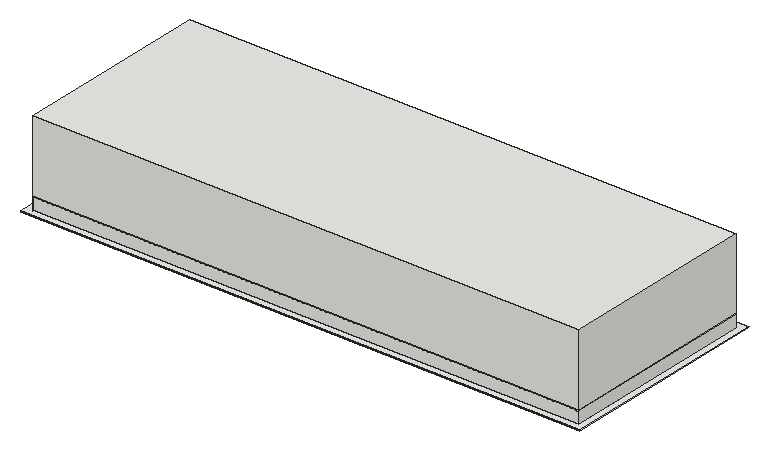
Revit family "AIRTECNICS_AIR CURTAIN_RECESSED WINDBOX_MG_ELECTRICAL HEATED (E)", category Mechanical Equipment, Revit 2016
Family settings
  Part Type = Normal
  Round Connector Dimension = Use Diameter
  OmniClass Number = 23.75.70.21.17
  OmniClass Title = Air Curtains
  Work Plane-Based = No
  Always vertical = Yes
  Cut with Voids When Loaded = No
  Shared = No
  Room Calculation Point = No
Parameters (values of type "WINDBOX RM 2000 E")
  · OTHERS · [instance] = "-/ Select Supports - Inst.Maint. Space /-"  # constant formula
  · HEATING · [instance] = "-/ Select Heating /-"  # constant formula
  Weight [instance] = size_lookup(Name_Lookup_Data, "Weight", 1.00 kg, CM, CT)  # 130.00 kg
  Voltage [instance] = 400 V  # constant formula
  URL_Manufacturer = "https://www.airtecnics.com"
  URL_Datasheet = "https://www.airtecnics.com/download/file/1946/recessed-windbox.pdf"
  Supports Length [instance] = 500.0 mm
  Supports (Horizontal) [instance] = no
  Revit Version = "Revit 2016 - English"  # constant formula
  Review Date = "11/18"  # constant formula
  Remote Control = "IR-AIR"  # constant formula
  Product Size = if(CT = 2, "1000", if(CT = 4, "1500", if(CT = 8, "2000", if(CT = 16, "2500", if(CT = 32, "3000", "Consult Manufacturer")))))  # "2000"
  Product Reference [instance] = size_lookup(Name_Lookup_Ref, "", "Consult Manufacturer", CM, CT)  # "RM 2000 E"
  Product Heating [instance] = if(CE = 0, "E Standard", if(CE = 2, "E Limited 1/3", if(CE = 4, "E Limited 2/3", "Consult Manufacturer")))  # "E Standard"
  Product Description [instance] = size_lookup(Name_Lookup_Data, "", "Consult Manufacturer", CM, CT)  # "Self-supporting casing construction made of galvanized steel plate, ready to be installed recessed in a false ceiling. \r\nInlet grille (free of maintenance) made with aluminium profiles and blow-out nozzle, integrated in a single white frame colour RAL 9016. Other colours are available on request. \r\nAnodized aluminium outlet vanes, airfoil shaped, adjustable in both directions.\r\nDouble-inlet centrifugal fans driven by an external rotor motor and low noise level. 5-speed selector. \r\n“E” type with electrical shielded elements, three stages with integrated regulation. \r\nIncludes Plug&Play control with 7m RJ45 cable and infrared remote control. Optional: Clever control (programmable, automatic, intelligent, energy saving, Modbus RTU for BMS…)\r\nAir Volume: 3600 m3/h \r\nFans:  0,424 kW  1,88 A 230Vx1 50Hz\r\nHeating power: 6/12/18 kW (400Vx3)\r\nDimensions: 770x310x2050 mm (depth, height, length)"
  Power Fans Factor [instance] = size_lookup(Name_Lookup_Data, "Power Fans Factor", 1, CM, CT)  # 0.98
  Power Fans [instance] = size_lookup(Name_Lookup_Data, "Power Fans", 1 kW, CM, CT)  # 0.424 kW
  Power Factor [instance] = 1  # constant formula
  Noise Level (dB(A)) [instance] = size_lookup(Name_Lookup_Data, "Noise Level (dB(A))", 1, CM, CT)  # 57
  Name_Lookup_Ref = "R_WINDBOX_MG_(E)_Ref_Lookup"  # constant formula
  Name_Lookup_Electrical = "R_WINDBOX_MG_(E)_Electrical_Lookup"  # constant formula
  Name_Lookup_Data = "R_WINDBOX_MG_(E)_Data_Lookup"  # constant formula
  Material Inlet Grille [instance] = AIRTECNICS_White RAL 9016
  Material Curtain [instance] = AIRTECNICS_White RAL 9016
  M = yes
  Length = if(CT = 2, 1000.0 mm, if(CT = 4, 1500.0 mm, if(CT = 8, 2000.0 mm, if(CT = 16, 2500.0 mm, if(CT = 32, 3000.0 mm, L)))))  # 2000.0 mm
  IfcExportType = "ELECTRICHEATINGCOIL"  # constant formula
  IfcExportAs = "IfcCoilType"  # constant formula
  Height = 310.0 mm  # constant formula
  G = no
  Frequency = 50 Hz  # constant formula
  Fans Stage = 5  # constant formula
  Family Version = "1.0"  # constant formula
  Electrical Heating Capacity (kW) [instance] = size_lookup(Name_Lookup_Electrical, "", "Consult Manufacturer", CM, CT, CE)  # "6/12/18"
  Electrical + Current Fans [instance] = size_lookup(Name_Lookup_Data, "Electrical + Current Fans", 1 A, CM, CT)  # 27.86 A
  EC = no
  E Standard [instance] = if(CE = 0, 1 = 1, 1 = 0)  # yes
  E Limited 2/3 [instance] = no
  E Limited 1/3 [instance] = no
  Depth = 770.0 mm  # constant formula
  Current Fans [instance] = size_lookup(Name_Lookup_Data, "Current Fans", 1 A, CM, CT)  # 1.88 A
  Created by = "BIMETRICAL"  # constant formula
  Control [instance] = "CE-5AW-IR"  # constant formula
  Cable = "CB7"  # constant formula
  URL = "https://www.airtecnics.com/products/air-curtain-recessed-windbox"
  Model = "Air curtain Recesssed Windbox M,G E"  # constant formula
  L = 2000.0 mm
  Type Image = <None>
  Manufacturer = "AIRTECNICS"  # constant formula
  Description = ""
  Type Comments = "Self-supporting casing construction made of galvanized steel plate, ready to be installed recessed in a false ceiling. \r\nInlet grille (free of maintenance) made with aluminium profiles and blow-out nozzle, integrated in a single white frame colour RAL 9016. Other colours are available on request. \r\nAnodized aluminium outlet vanes, airfoil shaped, adjustable in both directions.\r\nDouble-inlet centrifugal fans driven by an external rotor motor and low noise level. 5-speed selector. EC models assembled with very low consumption efficiency fans. \r\n“P” type with water heated coil. “E” type with electrical shielded elements, three stages with integrated regulation. “A” type without heating, air only. Optional expansion DX coil.\r\nIncludes Plug&Play control with 7m RJ45 cable and infrared remote control. Optional: Clever control (programmable, automatic, intelligent, energy saving, Modbus RTU for BMS…)"  # constant formula
  CT = if(L = 1000.0 mm, 2, 0) + if(L = 1500.0 mm, 4, 0) + if(L = 2000.0 mm, 8, 0) + if(L = 2500.0 mm, 16, 0) + if(L = 3000.0 mm, 32, 0)  # 8
  CM = if(M, 2, 0) + if(EC, 4, 0) + if(G, 8, 0)  # 2
  CE [instance] = if([E Limited 1/3], 2, 0) + if([E Limited 2/3], 4, 0)  # 0
  BIMETRICAL Category = "Coil"  # constant formula
  BIMETRICAL = "http://www.bimetrical.com/"  # constant formula
  Aspiration/Maintenance Space [instance] = no
  Airflow [instance] = size_lookup(Name_Lookup_Data, "Airflow", 1 m³/h, CM, CT)  # 3600 m³/h
  3rd Phase [instance] = size_lookup(Name_Lookup_Data, "3rd Phase", 1 VA, CM, CT)  # 6000 VA
  2nd Phase [instance] = size_lookup(Name_Lookup_Data, "2nd Phase", 1 VA, CM, CT)  # 6000 VA
  1st Phase [instance] = size_lookup(Name_Lookup_Data, "1st Phase", 1 VA, CM, CT)  # 6424 VA
Reference planes
  plane 1 "Centro (Frontal/Posterior)": z = 0
  plane 2: y = 246.57
  plane 3 "Centro (Izquierda/Derecha)": x = 0
Nested families
  nested 1: "GEOM_WINDBOX_RECESSED" at (0, 101, 48), L <- "L", Support Length <- "Supports Length", Aspiration/Maintenance Space <- "Aspiration/Maintenance Space", Material Curtain <- "Material Curtain", Material Inlet Grille <- "Material Inlet Grille", ViHS <- "Supports (Horizontal)", type "Air curtain Recessed Windbox"
    with ViHSC no, ViHS no, Vi2 no, Vi1 yes, TI 9, Support Length 500.0 mm, Position Water pipes OUT connection "--------------------------------", Material Inlet Grille AIRTECNICS_White RAL 9016, Material Curtain AIRTECNICS_White RAL 9016, LiS 760.0 mm, Li6 720.0 mm, Li16 10.0 mm, Li15 10.0 mm, L 2000.0 mm, Aspiration/Maintenance Space no
Connectors
  electrical at (859, 481.57, 308), driven by "Voltage", driven by "Power Factor", driven by "1st Phase", driven by "2nd Phase", driven by "3rd Phase"
    settings: on nested 1, index 1, voltage 400 V, apparent load 0 VA, apparent load phase1 6424 VA, apparent load phase2 6000 VA, apparent load phase3 6000 VA, power factor 1, load classification "HVAC", number of poles 3, system type 31, power factor state 1, is connector primary yes, connector utility no, sub classification motor no, connector description ""
Definition of nested family "GEOM_WINDBOX_RECESSED"
  Parameters (values of type "Air curtain Recessed Windbox")
    ViHSC [instance] = if(and(ViHS, L > 1000.0 mm), 1 = 1, 1 = 0)  # no
    Vi2 [instance] = if(L = 2500.0 mm, 1 = 1, 1 = 0)  # yes
    Vi1 [instance] = not(Vi2)  # no
    TI [instance] = if(L = 1000.0 mm, 5, if(L = 1500.0 mm, 7, if(L = 2000.0 mm, 9, if(L = 2500.0 mm, 11, L / 200.0 mm))))  # 11
    Material Outlet Grille = none
    Material II = none
    Material I = none
    Material Inlet Grille [instance] = none
    Li16 [instance] = 10.0 mm  # constant formula
    Li15 [instance] = 10.0 mm  # constant formula
    Position Water pipes OUT connection [instance] = "--------------------------------"  # constant formula
    ViHS [instance] = no
    Support Length [instance] = 500.0 mm
    LiS [instance] = Support Length + 260.0 mm  # 760.0 mm
    Revit Version = "Revit 2016 - English"  # constant formula
    Review Date = "11/18"  # constant formula
    Material Curtain [instance] = none
    Li6 [instance] = Depth  # 720.0 mm
    Family Version = "1.0"  # constant formula
    Depth = 720.0 mm  # constant formula
    Default Elevation = 1219.2 mm
    Created by = "BIMETRICAL"  # constant formula
    URL = "https://www.airtecnics.com/products/air-curtain-recessed-windbox"
    Model = "Air curtain Recessed Windbox"  # constant formula
    L [instance] = 2500.0 mm
    Type Image = (empty or 0)
    Manufacturer = "AIRTECNICS"  # constant formula
    Description = "AIRTECNICS_Air curtain Recessed Windbox"  # constant formula
    Type Comments = ""
    BIMETRICAL Category = "Fan"  # constant formula
    BIMETRICAL = "http://www.bimetrical.com/"  # constant formula
    Aspiration/Maintenance Space [instance] = no
  Reference planes
    plane 1 "Centro (Frontal/Posterior)": z = 0
    plane 2: y = 246.57
    plane 3 "Centro (Izquierda/Derecha)": x = 0
    plane 4: z = 260
    plane 5: y = 476.57
    plane 6: y = 16.57
    plane 7: x = -1250
    plane 8: x = 1250
    plane 9: x = -1210
    plane 10: x = 1210
    plane 11: y = 442.57
    plane 12: y = 145.57
    plane 13: y = -223.43
    plane 14 "P1-02": z = 0
    plane 15 "P2-02": z = 0
    plane 16: y = -243.43
    plane 17: y = 501.57
    plane 18: x = 1275
    plane 19: y = -268.43
    plane 20: z = -48
    plane 21: z = -50
    plane 22: x = 1248
    plane 23: x = -1248
    plane 24: x = -418.5
    plane 25: x = 418.5
    plane 26: x = -1203.5
    plane 27: x = 1203.5
    plane 28: x = -962.8
    plane 29: x = -722.1
    plane 30: x = -481.4
    plane 31: z = -250
    plane 32: y = -241.454
    plane 33: y = -9.53
    plane 34: x = -240.7
    plane 35: x = 0
    plane 36: x = 240.7
    plane 37: x = 481.4
    plane 38: x = 722.1
    plane 39: x = 962.8
  Forms (mm)
    Extrusion 1, solid, material <- "Material Inlet Grille"
      sketch origin (0, 0, -50) x (1, 0, 0) y (0, 1, 0)
        loop
          line (-1250, 476.57) -> (-1250, -243.43) -> (1250, -243.43) -> (1250, 476.57) -> (-1250, 476.57)
      from 0 to 50
    Extrusion 2, void, detail levels medium+fine
      sketch origin (0, 0, -50) x (1, 0, 0) y (0, 1, 0)
        loop
          line (-1249, 474.57) -> (-1249, 387.47) -> (1249, 387.47) -> (1249, 474.57) -> (-1249, 474.57)
      from 0 to 46
    Extrusion 3, solid, material <- "Material Curtain", not visible
      sketch origin (559.734, 0, 0) x (1, 0, 0) y (0, 1, 0)
        loop
          line (613.266, 405.57) -> (485.266, 405.57) -> (485.266, 355.57) -> (613.266, 355.57) -> (613.266, 405.57)
      from 260 to 259
    Extrusion 4, solid, visible <- "ViHS"
      sketch origin (0, 0, 0) x (1, 0, 0) y (0, 1, 0)
        loop
          circle (-1210, 442.57) r 3.375
      from 260 to 760 <- "LiS"
    Extrusion 5, solid, visible <- "ViHSC"
      sketch origin (1185, 0, 0) x (1, 0, 0) y (0, 1, 0)
        loop
          circle (-1185, 442.57) r 3.375
      from 260 to 760 <- "LiS"
    Extrusion 6, solid, visible <- "ViHS"
      sketch origin (2385, 0, 0) x (1, 0, 0) y (0, 1, 0)
        loop
          circle (-1175, 442.57) r 3.375
      from 260 to 760 <- "LiS"
    Extrusion 7, solid, visible <- "ViHSC"
      sketch origin (1185, -240, 0) x (1, 0, 0) y (0, 1, 0)
        loop
          circle (-1185, 385.57) r 3.375
      from 260 to 760 <- "LiS"
    Extrusion 8, solid, visible <- "ViHS"
      sketch origin (2344.293, -280.483, 0) x (1, 0, 0) y (0, 1, 0)
        loop
          circle (-1134.293, 426.053) r 3.375
      from 260 to 760 <- "LiS"
    Extrusion 9, solid, visible <- "ViHS"
      sketch origin (9.293, -280.483, 0) x (1, 0, 0) y (0, 1, 0)
        loop
          circle (-1219.293, 426.053) r 3.375
      from 260 to 760 <- "LiS"
    Extrusion 10, solid, visible <- "Aspiration/Maintenance Space"
      sketch origin (0, 0, -50) x (1, 0, 0) y (0, 1, 0)
        loop
          line (-1250, 476.57) -> (-1250, -243.43) -> (1250, -243.43) -> (1250, 476.57) -> (-1250, 476.57)
      from 310 to 410
    Extrusion 11, solid, visible <- "Aspiration/Maintenance Space"
      sketch origin (230, 246.57, 5) x (1, 0, 0) y (0, 0, 1)
        loop
          line (1020, 255) -> (1020, -53) -> (1030, -53) -> (1030, 255) -> (1020, 255)
      from -230 to 490
    Extrusion 12, solid, visible <- "Aspiration/Maintenance Space"
      sketch origin (-2520, 246.57, 5) x (1, 0, 0) y (0, 0, 1)
        loop
          line (1260, 255) -> (1260, -53) -> (1270, -53) -> (1270, 255) -> (1260, 255)
      from -230 to 490
    Extrusion 13, solid, visible <- "ViHSC"
      sketch origin (1185, -609, 0) x (1, 0, 0) y (0, 1, 0)
        loop
          circle (-1185, 385.57) r 3.375
      from 260 to 760 <- "LiS"
    Extrusion 14, solid, visible <- "ViHS"
      sketch origin (2344.293, -649.483, 0) x (1, 0, 0) y (0, 1, 0)
        loop
          circle (-1134.293, 426.053) r 3.375
      from 260 to 760 <- "LiS"
    Extrusion 15, solid, visible <- "ViHS"
      sketch origin (9.293, -649.483, 0) x (1, 0, 0) y (0, 1, 0)
        loop
          circle (-1219.293, 426.053) r 3.375
      from 260 to 760 <- "LiS"
    Extrusion 16, solid, material <- "Material Inlet Grille"
      sketch origin (-54.078, -166.435, -50) x (1, 0, 0) y (0, 1, 0)
        loop
          line (-1220.922, -101.996) -> (1329.078, -101.996) -> (1329.078, 668.004) -> (-1220.922, 668.004) -> (-1220.922, -101.996)
        loop
          line (-1195.922, -76.996) -> (1304.078, -76.996) -> (1304.078, 643.004) -> (-1195.922, 643.004) -> (-1195.922, -76.996)
      from 0 to 2
    Sweep 17, void
      path origin (0, 0, -50) x (1, 0, 0) y (0, 1, 0)
        loop
          line (-1250, 476.57) -> (-1250, -243.43) -> (1250, -243.43) -> (1250, 476.57) -> (-1250, 476.57)
      profile origin (0, 476.57, -50) x (0, 1, 0) y (0, 0, 1)
        loop
          line (0, 46) -> (0, 50) -> (-4, 50)
          arc (-4, 50) -> (-1.172, 48.828) -> (0, 46) r 4
    Extrusion 18, solid, material <- "Material Outlet Grille"
      sketch origin (0, 0, 0) x (0, 1, 0) y (0, 0, 1)
        loop
          line (452.413, -27.506) -> (455.591, -46.036)
          arc (455.591, -46.036) -> (457.07, -47.282) -> (458.548, -46.036) r 1.5
          line (458.548, -46.036) -> (461.726, -27.506)
          arc (461.726, -27.506) -> (457.07, -21.982) -> (452.413, -27.506) r 4.725
        loop
          arc (429.342, -46.036) -> (430.82, -47.282) -> (432.299, -46.036) r 1.5
          line (432.299, -46.036) -> (435.477, -27.506)
          arc (435.477, -27.506) -> (430.82, -21.982) -> (426.163, -27.506) r 4.725
          line (426.163, -27.506) -> (429.342, -46.036)
        loop
          arc (409.976, -27.506) -> (405.319, -21.982) -> (400.662, -27.506) r 4.725
          line (400.662, -27.506) -> (403.84, -46.036)
          arc (403.84, -46.036) -> (405.319, -47.282) -> (406.797, -46.036) r 1.5
          line (406.797, -46.036) -> (409.976, -27.506)
      from -1248 to 1248
    Extrusion 19, void, detail levels medium+fine
      sketch origin (0, -484.3, -50) x (1, 0, 0) y (0, 1, 0)
        loop
          line (-1249, 474.77) -> (-1249, 242.846) -> (1249, 242.846) -> (1249, 474.77) -> (-1249, 474.77)
      from 0 to 46
    Extrusion 20, solid, material <- "Material Curtain"
      sketch origin (0, 0, -50) x (1, 0, 0) y (0, 1, 0)
        loop
          line (-1250, 476.57) -> (-1250, -243.43) -> (1250, -243.43) -> (1250, 476.57) -> (-1250, 476.57)
      from 50 to 310
    Extrusion 21, solid, material <- "Material II", visible <- "Vi1"
      sketch origin (0, 0, 0) x (0, 1, 0) y (0, 0, 1)
        loop
          line (474.57, -4) -> (400.57, -4) -> (400.57, -47.504) -> (474.57, -47.504) -> (474.57, -4)
      from -7.5 to 7.5
    Extrusion 22, solid, material <- "Material I"
      sketch origin (1191.816, 0, 0) x (0, 1, 0) y (0, 0, 1)
        loop
          arc (402.126, -44.927) -> (403.13, -46.77) -> (405.096, -47.504) r 3
          line (405.096, -47.504) -> (431.043, -47.504)
          arc (431.043, -47.504) -> (433.022, -46.759) -> (434.017, -44.893) r 3
          line (434.017, -44.893) -> (437.046, -21.725)
          arc (437.046, -21.725) -> (436.086, -18.568) -> (433.08, -17.207) r 4
          line (433.08, -17.207) -> (403.059, -17.207)
          arc (403.059, -17.207) -> (400.04, -18.583) -> (399.098, -21.764) r 4
          line (399.098, -21.764) -> (402.126, -44.927)
      from 53.181 to 56.184
    Extrusion 23, solid, material <- "Material I", visible <- "Vi1"
      sketch origin (-45.681, 0, 0) x (0, 1, 0) y (0, 0, 1)
        loop
          arc (402.126, -44.927) -> (403.13, -46.77) -> (405.096, -47.504) r 3
          line (405.096, -47.504) -> (431.043, -47.504)
          arc (431.043, -47.504) -> (433.022, -46.759) -> (434.017, -44.893) r 3
          line (434.017, -44.893) -> (437.046, -21.725)
          arc (437.046, -21.725) -> (436.086, -18.568) -> (433.08, -17.207) r 4
          line (433.08, -17.207) -> (403.059, -17.207)
          arc (403.059, -17.207) -> (400.04, -18.583) -> (399.098, -21.764) r 4
          line (399.098, -21.764) -> (402.126, -44.927)
      from 53.181 to 56.184
    Extrusion 24, solid, material <- "Material I", visible <- "Vi1"
      sketch origin (-63.684, 0, 0) x (0, 1, 0) y (0, 0, 1)
        loop
          arc (402.126, -44.927) -> (403.13, -46.77) -> (405.096, -47.504) r 3
          line (405.096, -47.504) -> (431.043, -47.504)
          arc (431.043, -47.504) -> (433.022, -46.759) -> (434.017, -44.893) r 3
          line (434.017, -44.893) -> (437.046, -21.725)
          arc (437.046, -21.725) -> (436.086, -18.568) -> (433.08, -17.207) r 4
          line (433.08, -17.207) -> (403.059, -17.207)
          arc (403.059, -17.207) -> (400.04, -18.583) -> (399.098, -21.764) r 4
          line (399.098, -21.764) -> (402.126, -44.927)
      from 53.181 to 56.184
    Extrusion 25, solid, material <- "Material II", visible <- "Vi2", not visible
      sketch origin (0, 0, 0) x (0, 1, 0) y (0, 0, 1)
        loop
          line (474.57, -4) -> (400.57, -4) -> (400.57, -47.504) -> (474.57, -47.504) -> (474.57, -4)
      from -7.5 to 7.5
    Extrusion 26, solid, material <- "Material I", visible <- "Vi2", not visible
      sketch origin (-45.681, 0, 0) x (0, 1, 0) y (0, 0, 1)
        loop
          arc (402.126, -44.927) -> (403.13, -46.77) -> (405.096, -47.504) r 3
          line (405.096, -47.504) -> (431.043, -47.504)
          arc (431.043, -47.504) -> (433.022, -46.759) -> (434.017, -44.893) r 3
          line (434.017, -44.893) -> (437.046, -21.725)
          arc (437.046, -21.725) -> (436.086, -18.568) -> (433.08, -17.207) r 4
          line (433.08, -17.207) -> (403.059, -17.207)
          arc (403.059, -17.207) -> (400.04, -18.583) -> (399.098, -21.764) r 4
          line (399.098, -21.764) -> (402.126, -44.927)
      from 53.181 to 56.184
    Extrusion 27, solid, material <- "Material I", visible <- "Vi2", not visible
      sketch origin (-63.684, 0, 0) x (0, 1, 0) y (0, 0, 1)
        loop
          arc (402.126, -44.927) -> (403.13, -46.77) -> (405.096, -47.504) r 3
          line (405.096, -47.504) -> (431.043, -47.504)
          arc (431.043, -47.504) -> (433.022, -46.759) -> (434.017, -44.893) r 3
          line (434.017, -44.893) -> (437.046, -21.725)
          arc (437.046, -21.725) -> (436.086, -18.568) -> (433.08, -17.207) r 4
          line (433.08, -17.207) -> (403.059, -17.207)
          arc (403.059, -17.207) -> (400.04, -18.583) -> (399.098, -21.764) r 4
          line (399.098, -21.764) -> (402.126, -44.927)
      from 53.181 to 56.184
    Extrusion 28, solid, material <- "Material II", visible <- "Vi2"
      sketch origin (418.5, 0, 0) x (0, 1, 0) y (0, 0, 1)
        loop
          line (474.57, -4) -> (400.57, -4) -> (400.57, -47.504) -> (474.57, -47.504) -> (474.57, -4)
      from -7.5 to 7.5
    Extrusion 29, solid, material <- "Material I", visible <- "Vi2"
      sketch origin (372.819, 0, 0) x (0, 1, 0) y (0, 0, 1)
        loop
          arc (402.126, -44.927) -> (403.13, -46.77) -> (405.096, -47.504) r 3
          line (405.096, -47.504) -> (431.043, -47.504)
          arc (431.043, -47.504) -> (433.022, -46.759) -> (434.017, -44.893) r 3
          line (434.017, -44.893) -> (437.046, -21.725)
          arc (437.046, -21.725) -> (436.086, -18.568) -> (433.08, -17.207) r 4
          line (433.08, -17.207) -> (403.059, -17.207)
          arc (403.059, -17.207) -> (400.04, -18.583) -> (399.098, -21.764) r 4
          line (399.098, -21.764) -> (402.126, -44.927)
      from 53.181 to 56.184
    Extrusion 30, solid, material <- "Material I", visible <- "Vi2"
      sketch origin (354.816, 0, 0) x (0, 1, 0) y (0, 0, 1)
        loop
          arc (402.126, -44.927) -> (403.13, -46.77) -> (405.096, -47.504) r 3
          line (405.096, -47.504) -> (431.043, -47.504)
          arc (431.043, -47.504) -> (433.022, -46.759) -> (434.017, -44.893) r 3
          line (434.017, -44.893) -> (437.046, -21.725)
          arc (437.046, -21.725) -> (436.086, -18.568) -> (433.08, -17.207) r 4
          line (433.08, -17.207) -> (403.059, -17.207)
          arc (403.059, -17.207) -> (400.04, -18.583) -> (399.098, -21.764) r 4
          line (399.098, -21.764) -> (402.126, -44.927)
      from 53.181 to 56.184
    Extrusion 31, solid, visible <- "Vi1", not visible
      sketch origin (1185, 0, 0) x (1, 0, 0) y (0, 1, 0)
        loop
          circle (-1185, 442.57) r 3.375
      from 260 to 760 <- "LiS"
    Extrusion 32, solid, material <- "Material II", visible <- "Vi1", not visible
      sketch origin (0, 0, 0) x (0, 1, 0) y (0, 0, 1)
        loop
          line (474.57, -4) -> (400.57, -4) -> (400.57, -47.504) -> (474.57, -47.504) -> (474.57, -4)
      from -7.5 to 7.5
    Extrusion 33, solid, material <- "Material I", visible <- "Vi1", not visible
      sketch origin (-45.681, 0, 0) x (0, 1, 0) y (0, 0, 1)
        loop
          arc (402.126, -44.927) -> (403.13, -46.77) -> (405.096, -47.504) r 3
          line (405.096, -47.504) -> (431.043, -47.504)
          arc (431.043, -47.504) -> (433.022, -46.759) -> (434.017, -44.893) r 3
          line (434.017, -44.893) -> (437.046, -21.725)
          arc (437.046, -21.725) -> (436.086, -18.568) -> (433.08, -17.207) r 4
          line (433.08, -17.207) -> (403.059, -17.207)
          arc (403.059, -17.207) -> (400.04, -18.583) -> (399.098, -21.764) r 4
          line (399.098, -21.764) -> (402.126, -44.927)
      from 53.181 to 56.184
    Extrusion 34, solid, material <- "Material I", visible <- "Vi1", not visible
      sketch origin (-63.684, 0, 0) x (0, 1, 0) y (0, 0, 1)
        loop
          arc (402.126, -44.927) -> (403.13, -46.77) -> (405.096, -47.504) r 3
          line (405.096, -47.504) -> (431.043, -47.504)
          arc (431.043, -47.504) -> (433.022, -46.759) -> (434.017, -44.893) r 3
          line (434.017, -44.893) -> (437.046, -21.725)
          arc (437.046, -21.725) -> (436.086, -18.568) -> (433.08, -17.207) r 4
          line (433.08, -17.207) -> (403.059, -17.207)
          arc (403.059, -17.207) -> (400.04, -18.583) -> (399.098, -21.764) r 4
          line (399.098, -21.764) -> (402.126, -44.927)
      from 53.181 to 56.184
    Extrusion 35, solid, material <- "Material II", visible <- "Vi2"
      sketch origin (-418.5, 0, 0) x (0, 1, 0) y (0, 0, 1)
        loop
          line (474.57, -4) -> (400.57, -4) -> (400.57, -47.504) -> (474.57, -47.504) -> (474.57, -4)
      from -7.5 to 7.5
    Extrusion 36, solid, material <- "Material I", visible <- "Vi2"
      sketch origin (-464.181, 0, 0) x (0, 1, 0) y (0, 0, 1)
        loop
          arc (402.126, -44.927) -> (403.13, -46.77) -> (405.096, -47.504) r 3
          line (405.096, -47.504) -> (431.043, -47.504)
          arc (431.043, -47.504) -> (433.022, -46.759) -> (434.017, -44.893) r 3
          line (434.017, -44.893) -> (437.046, -21.725)
          arc (437.046, -21.725) -> (436.086, -18.568) -> (433.08, -17.207) r 4
          line (433.08, -17.207) -> (403.059, -17.207)
          arc (403.059, -17.207) -> (400.04, -18.583) -> (399.098, -21.764) r 4
          line (399.098, -21.764) -> (402.126, -44.927)
      from 53.181 to 56.184
    Extrusion 37, solid, material <- "Material I", visible <- "Vi2"
      sketch origin (-482.184, 0, 0) x (0, 1, 0) y (0, 0, 1)
        loop
          arc (402.126, -44.927) -> (403.13, -46.77) -> (405.096, -47.504) r 3
          line (405.096, -47.504) -> (431.043, -47.504)
          arc (431.043, -47.504) -> (433.022, -46.759) -> (434.017, -44.893) r 3
          line (434.017, -44.893) -> (437.046, -21.725)
          arc (437.046, -21.725) -> (436.086, -18.568) -> (433.08, -17.207) r 4
          line (433.08, -17.207) -> (403.059, -17.207)
          arc (403.059, -17.207) -> (400.04, -18.583) -> (399.098, -21.764) r 4
          line (399.098, -21.764) -> (402.126, -44.927)
      from 53.181 to 56.184
    Extrusion 38, solid, material <- "Material Outlet Grille"
      sketch origin (0, -232.43, -85.237) x (1, 0, 0) y (0, 0, 1)
        loop
          circle (-1203.5, 56.137) r 4
      from -222.9 to 5
    Extrusion 39, solid, material <- "Material Outlet Grille"
      sketch origin (2407, -232.43, -85.237) x (1, 0, 0) y (0, 0, 1)
        loop
          circle (-1203.5, 56.137) r 4
      from -222.9 to 5
    Extrusion 40, solid, material <- "Material Outlet Grille"
      sketch origin (240.7, -232.43, -85.237) x (1, 0, 0) y (0, 0, 1)
        loop
          circle (-1203.5, 56.137) r 4
      from -222.9 to 5
    Extrusion 41, solid, material <- "Material Outlet Grille"
      sketch origin (481.4, -232.43, -85.237) x (1, 0, 0) y (0, 0, 1)
        loop
          circle (-1203.5, 56.137) r 4
      from -222.9 to 5
    Extrusion 42, solid, material <- "Material Outlet Grille"
      sketch origin (722.1, -232.43, -85.237) x (1, 0, 0) y (0, 0, 1)
        loop
          circle (-1203.5, 56.137) r 4
      from -222.9 to 5
    Extrusion 43, solid, material <- "Material I"
      sketch origin (-1301.181, 0, 0) x (0, 1, 0) y (0, 0, 1)
        loop
          arc (402.126, -44.927) -> (403.13, -46.77) -> (405.096, -47.504) r 3
          line (405.096, -47.504) -> (431.043, -47.504)
          arc (431.043, -47.504) -> (433.022, -46.759) -> (434.017, -44.893) r 3
          line (434.017, -44.893) -> (437.046, -21.725)
          arc (437.046, -21.725) -> (436.086, -18.568) -> (433.08, -17.207) r 4
          line (433.08, -17.207) -> (403.059, -17.207)
          arc (403.059, -17.207) -> (400.04, -18.583) -> (399.098, -21.764) r 4
          line (399.098, -21.764) -> (402.126, -44.927)
      from 53.181 to 56.184
    Extrusion 44, solid, material <- "Material Inlet Grille"
      sketch origin (0, -150, 0) x (0, 1, 0) y (0, 0, 1)
        loop
          line (136.77, -33.656) -> (122.009, -45.189)
          arc (122.009, -45.189) -> (118.063, -47.263) -> (113.64, -47.821) r 12.5
          line (113.64, -47.821) -> (113.57, -49.119)
          arc (113.57, -49.119) -> (118.453, -48.503) -> (122.809, -46.213) r 13.8
          line (122.809, -46.213) -> (137.57, -34.681)
          arc (137.57, -34.681) -> (138.306, -33.772) -> (138.57, -32.632) r 2.6
          line (138.57, -32.632) -> (138.57, -23.9) -> (137.27, -23.9) -> (137.27, -32.632)
          arc (137.27, -32.632) -> (137.138, -33.202) -> (136.77, -33.656) r 1.3
        loop
          line (111.77, -33.656) -> (97.009, -45.189)
          arc (97.009, -45.189) -> (93.063, -47.263) -> (88.64, -47.821) r 12.5
          line (88.64, -47.821) -> (88.57, -49.119)
          arc (88.57, -49.119) -> (93.453, -48.503) -> (97.809, -46.213) r 13.8
          line (97.809, -46.213) -> (112.57, -34.681)
          arc (112.57, -34.681) -> (113.306, -33.772) -> (113.57, -32.632) r 2.6
          line (113.57, -32.632) -> (113.57, -23.9) -> (112.27, -23.9) -> (112.27, -32.632)
          arc (112.27, -32.632) -> (112.138, -33.202) -> (111.77, -33.656) r 1.3
        loop
          line (89.52, -33.656) -> (74.759, -45.189)
          arc (74.759, -45.189) -> (70.813, -47.263) -> (66.39, -47.821) r 12.5
          line (66.39, -47.821) -> (66.32, -49.119)
          arc (66.32, -49.119) -> (71.203, -48.503) -> (75.559, -46.213) r 13.8
          line (75.559, -46.213) -> (90.32, -34.681)
          arc (90.32, -34.681) -> (91.056, -33.772) -> (91.32, -32.632) r 2.6
          line (91.32, -32.632) -> (91.32, -23.9) -> (90.02, -23.9) -> (90.02, -32.632)
          arc (90.02, -32.632) -> (89.888, -33.202) -> (89.52, -33.656) r 1.3
        loop
          line (67.27, -33.656) -> (52.509, -45.189)
          arc (52.509, -45.189) -> (48.563, -47.263) -> (44.14, -47.821) r 12.5
          line (44.14, -47.821) -> (44.07, -49.119)
          arc (44.07, -49.119) -> (48.953, -48.503) -> (53.309, -46.213) r 13.8
          line (53.309, -46.213) -> (68.07, -34.681)
          arc (68.07, -34.681) -> (68.806, -33.772) -> (69.07, -32.632) r 2.6
          line (69.07, -32.632) -> (69.07, -23.9) -> (67.77, -23.9) -> (67.77, -32.632)
          arc (67.77, -32.632) -> (67.638, -33.202) -> (67.27, -33.656) r 1.3
        loop
          line (45.02, -33.656) -> (30.259, -45.189)
          arc (30.259, -45.189) -> (26.313, -47.263) -> (21.89, -47.821) r 12.5
          line (21.89, -47.821) -> (21.82, -49.119)
          arc (21.82, -49.119) -> (26.703, -48.503) -> (31.059, -46.213) r 13.8
          line (31.059, -46.213) -> (45.82, -34.681)
          arc (45.82, -34.681) -> (46.556, -33.772) -> (46.82, -32.632) r 2.6
          line (46.82, -32.632) -> (46.82, -23.9) -> (45.52, -23.9) -> (45.52, -32.632)
          arc (45.52, -32.632) -> (45.388, -33.202) -> (45.02, -33.656) r 1.3
        loop
          line (22.77, -33.656) -> (8.009, -45.189)
          arc (8.009, -45.189) -> (4.063, -47.263) -> (-0.36, -47.821) r 12.5
          line (-0.36, -47.821) -> (-0.43, -49.119)
          arc (-0.43, -49.119) -> (4.453, -48.503) -> (8.809, -46.213) r 13.8
          line (8.809, -46.213) -> (23.57, -34.681)
          arc (23.57, -34.681) -> (24.306, -33.772) -> (24.57, -32.632) r 2.6
          line (24.57, -32.632) -> (24.57, -23.9) -> (23.27, -23.9) -> (23.27, -32.632)
          arc (23.27, -32.632) -> (23.138, -33.202) -> (22.77, -33.656) r 1.3
        loop
          line (2.32, -32.632) -> (2.32, -23.9) -> (1.02, -23.9) -> (1.02, -32.632)
          arc (1.02, -32.632) -> (0.888, -33.202) -> (0.52, -33.656) r 1.3
          line (0.52, -33.656) -> (-14.241, -45.189)
          arc (-14.241, -45.189) -> (-18.187, -47.263) -> (-22.61, -47.821) r 12.5
          line (-22.61, -47.821) -> (-22.68, -49.119)
          arc (-22.68, -49.119) -> (-17.797, -48.503) -> (-13.441, -46.213) r 13.8
          line (-13.441, -46.213) -> (1.32, -34.681)
          arc (1.32, -34.681) -> (2.056, -33.772) -> (2.32, -32.632) r 2.6
        loop
          line (-21.73, -33.656) -> (-36.491, -45.189)
          arc (-36.491, -45.189) -> (-40.437, -47.263) -> (-44.86, -47.821) r 12.5
          line (-44.86, -47.821) -> (-44.93, -49.119)
          arc (-44.93, -49.119) -> (-40.047, -48.503) -> (-35.691, -46.213) r 13.8
          line (-35.691, -46.213) -> (-20.93, -34.681)
          arc (-20.93, -34.681) -> (-20.194, -33.772) -> (-19.93, -32.632) r 2.6
          line (-19.93, -32.632) -> (-19.93, -23.9) -> (-21.23, -23.9) -> (-21.23, -32.632)
          arc (-21.23, -32.632) -> (-21.362, -33.202) -> (-21.73, -33.656) r 1.3
        loop
          line (-43.98, -33.656) -> (-58.741, -45.189)
          arc (-58.741, -45.189) -> (-62.687, -47.263) -> (-67.11, -47.821) r 12.5
          line (-67.11, -47.821) -> (-67.18, -49.119)
          arc (-67.18, -49.119) -> (-62.297, -48.503) -> (-57.941, -46.213) r 13.8
          line (-57.941, -46.213) -> (-43.18, -34.681)
          arc (-43.18, -34.681) -> (-42.444, -33.772) -> (-42.18, -32.632) r 2.6
          line (-42.18, -32.632) -> (-42.18, -23.9) -> (-43.48, -23.9) -> (-43.48, -32.632)
          arc (-43.48, -32.632) -> (-43.612, -33.202) -> (-43.98, -33.656) r 1.3
        loop
          line (-66.23, -33.656) -> (-80.991, -45.189)
          arc (-80.991, -45.189) -> (-84.937, -47.263) -> (-89.36, -47.821) r 12.5
          line (-89.36, -47.821) -> (-89.43, -49.119)
          arc (-89.43, -49.119) -> (-84.547, -48.503) -> (-80.191, -46.213) r 13.8
          line (-80.191, -46.213) -> (-65.43, -34.681)
          arc (-65.43, -34.681) -> (-64.694, -33.772) -> (-64.43, -32.632) r 2.6
          line (-64.43, -32.632) -> (-64.43, -23.9) -> (-65.73, -23.9) -> (-65.73, -32.632)
          arc (-65.73, -32.632) -> (-65.862, -33.202) -> (-66.23, -33.656) r 1.3
      from -1248 to 1248
    Extrusion 45, solid, visible <- "Aspiration/Maintenance Space"
      sketch origin (0, 0, -590) x (1, 0, 0) y (0, 1, 0)
        loop
          line (-1248, -9.53) -> (-1248, -241.454) -> (1248, -241.454) -> (1248, -9.53) -> (-1248, -9.53)
      from 340 to 540
    Extrusion 46, solid, material <- "Material Outlet Grille"
      sketch origin (962.8, -232.43, -85.237) x (1, 0, 0) y (0, 0, 1)
        loop
          circle (-1203.5, 56.137) r 4
      from -222.9 to 5
    Extrusion 47, solid, material <- "Material Outlet Grille"
      sketch origin (1203.5, -232.43, -85.237) x (1, 0, 0) y (0, 0, 1)
        loop
          circle (-1203.5, 56.137) r 4
      from -222.9 to 5
    Extrusion 48, solid, material <- "Material Outlet Grille"
      sketch origin (1444.2, -232.43, -85.237) x (1, 0, 0) y (0, 0, 1)
        loop
          circle (-1203.5, 56.137) r 4
      from -222.9 to 5
    Extrusion 49, solid, material <- "Material Outlet Grille"
      sketch origin (1684.9, -232.43, -85.237) x (1, 0, 0) y (0, 0, 1)
        loop
          circle (-1203.5, 56.137) r 4
      from -222.9 to 5
    Extrusion 50, solid, material <- "Material Outlet Grille"
      sketch origin (1925.6, -232.43, -85.237) x (1, 0, 0) y (0, 0, 1)
        loop
          circle (-1203.5, 56.137) r 4
      from -222.9 to 5
    Extrusion 51, solid, material <- "Material Outlet Grille"
      sketch origin (2166.3, -232.43, -85.237) x (1, 0, 0) y (0, 0, 1)
        loop
          circle (-1203.5, 56.137) r 4
      from -222.9 to 5
  Cuts and joins
    Extrusion 2, Sweep 17, Extrusion 19 cuts Extrusion 1
    Extrusion 19 cuts Extrusion 16
    joined: Extrusion 1, Extrusion 16
  Dimensions and locks
    locked: plane 4 to plane 1 "Centro (Frontal/Posterior)" at 260
    equal spacing: plane 7, plane 3 "Centro (Izquierda/Derecha)", plane 8
    equal spacing: plane 5, plane 2, plane 6
    "L": plane 7 to plane 8
    locked: plane 5 to plane 6 at 460
    plane 1 "Centro (Frontal/Posterior)" to cut or joined group of Extrusion 1, Extrusion 2, Extrusion 16, Sweep 17, Extrusion 19 = 4.0 mm
    locked: plane 7 to plane 9 at 40
    locked: plane 10 to plane 8 at 40
    plane 5 to Extrusion 2 sketch curve = 2.0 mm
    Extrusion 2 sketch curve to plane 8 = 1.0 mm
    plane 7 to Extrusion 2 sketch curve = 1.0 mm
    "Li6": plane 5 to Extrusion 1 sketch curve
    Extrusion 3 sketch curve to plane 8 = 77.0 mm
    plane 5 to Extrusion 3 sketch curve = 71.0 mm
    Extrusion 3 sketch curve to Extrusion 3 sketch curve = 50.0 mm
    Extrusion 3 sketch curve to Extrusion 3 sketch curve = 128.0 mm
    locked: plane 5 to plane 11 at 34
    plane 5 to Extrusion 10 sketch curve = 720.0 mm
    locked: Extrusion 10 to plane 4 at 100
    Extrusion 11 sketch curve to Extrusion 11 sketch curve = 308.0 mm
    Extrusion 12 sketch curve to Extrusion 12 sketch curve = 308.0 mm
    "Li16": Extrusion 12 to Extrusion 12
    "Depth": plane 5 to Extrusion 11
    "Depth": plane 5 to Extrusion 12
    locked: plane 6 to plane 12 at 129
    locked: plane 12 to plane 13 at 369
    plane 1 "Centro (Frontal/Posterior)" to plane 14 "P1-02" = 0.0 mm
    plane 1 "Centro (Frontal/Posterior)" to plane 15 "P2-02" = 0.0 mm
    locked: plane 6 to plane 16 at 260
    locked: plane 17 to plane 5 at 25
    locked: plane 8 to plane 18 at 25
    locked: plane 16 to plane 19 at 25
    locked: plane 20 to plane 21 at 2
    locked: plane 20 to plane 1 "Centro (Frontal/Posterior)" at 48
    locked: Extrusion 18 to plane 21 at 3.964
    locked: plane 17 to Extrusion 18 at 97.729
    locked: plane 22 to plane 8 at 2
    locked: plane 7 to plane 23 at 2
    locked: Extrusion 22 to plane 22 at 3.003
    equal spacing: Extrusion 21, plane 3 "Centro (Izquierda/Derecha)", Extrusion 21
    equal spacing: plane 24, plane 3 "Centro (Izquierda/Derecha)", plane 25
    locked: plane 24 to plane 3 "Centro (Izquierda/Derecha)" at 418.5
    locked: plane 24 to Extrusion 35 at 7.5
    locked: plane 25 to Extrusion 28 at 7.5
    equal spacing: group 5, group 7, group 8, group 9, group 10, group 11, group 12, group 13, group 14, group 15, group 6  (x3)
    locked: plane 27 to plane 18 at 71.5
    locked: plane 23 to Extrusion 43 at 3.003
    plane 21 to plane 31 = 200.0 mm
    locked: plane 33 to plane 6 at 26.1
    locked: plane 16 to plane 32 at 1.976
    "Li15": plane 8 to Extrusion 11
    locked: plane 26 to plane 7 at 46.5
    radius of Extrusion 4 sketch curve = 3.375 mm
    radius of Extrusion 5 sketch curve = 3.375 mm
    radius of Extrusion 6 sketch curve = 3.375 mm
    radius of Extrusion 7 sketch curve = 3.375 mm
    radius of Extrusion 8 sketch curve = 3.375 mm
    radius of Extrusion 9 sketch curve = 3.375 mm
    radius of Extrusion 13 sketch curve = 3.375 mm
    radius of Extrusion 14 sketch curve = 3.375 mm
    radius of Extrusion 15 sketch curve = 3.375 mm
    radius of Sweep 17 sketch curve = 4.0 mm
    radius of Extrusion 31 sketch curve = 3.375 mm
    radius of Extrusion 38 sketch curve = 4.0 mm
    radius of Extrusion 39 sketch curve = 4.0 mm
    radius of Extrusion 40 sketch curve = 4.0 mm
    radius of Extrusion 41 sketch curve = 4.0 mm
    radius of Extrusion 42 sketch curve = 4.0 mm
    radius of Extrusion 46 sketch curve = 4.0 mm
    radius of Extrusion 47 sketch curve = 4.0 mm
    radius of Extrusion 48 sketch curve = 4.0 mm
    radius of Extrusion 49 sketch curve = 4.0 mm
    radius of Extrusion 50 sketch curve = 4.0 mm
    radius of Extrusion 51 sketch curve = 4.0 mm
    aligned and locked: Extrusion 1 sketch curve to plane 5
    aligned and locked: plane 7 to Extrusion 1 sketch curve
    aligned and locked: plane 8 to Extrusion 1 sketch curve
    aligned and locked: Extrusion 4 to plane 4
    aligned and locked: plane 9 to Extrusion 4 sketch curve
    aligned and locked: plane 10 to Extrusion 6 sketch curve
    aligned and locked: plane 11 to Extrusion 6 sketch curve
    aligned and locked: plane 9 to Extrusion 9 sketch curve
    aligned and locked: plane 12 to Extrusion 9 sketch curve
    aligned and locked: plane 12 to Extrusion 7 sketch curve
    aligned and locked: plane 10 to Extrusion 8 sketch curve
    aligned and locked: plane 12 to Extrusion 8 sketch curve
    aligned and locked: Extrusion 6 to plane 4
    aligned and locked: Extrusion 8 to plane 4
    aligned and locked: Extrusion 5 to plane 4
    aligned and locked: Extrusion 7 to plane 4
    aligned and locked: Extrusion 9 to plane 4
    aligned and locked: Extrusion 10 sketch curve to plane 5
    aligned and locked: plane 7 to Extrusion 10 sketch curve
    aligned and locked: plane 8 to Extrusion 10 sketch curve
    aligned and locked: Extrusion 10 to plane 4
    aligned and locked: plane 4 to Extrusion 11
    aligned and locked: plane 8 to Extrusion 11
    aligned and locked: plane 5 to Extrusion 11
    aligned and locked: plane 4 to Extrusion 12
    aligned and locked: plane 7 to Extrusion 12
    aligned and locked: plane 5 to Extrusion 12
    aligned and locked: plane 13 to Extrusion 14 sketch curve
    aligned and locked: plane 10 to Extrusion 14 sketch curve
    aligned and locked: plane 13 to Extrusion 13 sketch curve
    aligned and locked: plane 3 "Centro (Izquierda/Derecha)" to Extrusion 13 sketch curve
    aligned and locked: plane 9 to Extrusion 15 sketch curve
    aligned and locked: plane 13 to Extrusion 15 sketch curve
    aligned and locked: Extrusion 14 to plane 4
    aligned and locked: Extrusion 13 to plane 4
    aligned and locked: Extrusion 15 to plane 4
    aligned and locked: Extrusion 10 to plane 16
    aligned and locked: cut or joined group of Extrusion 1, Extrusion 2, Extrusion 16, Sweep 17, Extrusion 19 to plane 16
    aligned and locked: Extrusion 16 sketch curve to plane 19
    aligned and locked: plane 17 to Extrusion 16 sketch curve
    aligned and locked: Extrusion 16 sketch curve to plane 18
    aligned and locked: Extrusion 16 sketch curve to plane 8
    aligned and locked: plane 5 to Extrusion 16 sketch curve
    aligned and locked: Extrusion 16 sketch curve to plane 16
    aligned and locked: Extrusion 16 sketch curve to plane 7
    aligned and locked: plane 20 to Extrusion 16
    aligned and locked: Extrusion 12 to plane 20
    aligned and locked: Extrusion 11 to plane 20
    aligned and locked: level to plane 21
    aligned and locked: cut or joined group of Extrusion 1, Extrusion 2, Extrusion 16, Sweep 17, Extrusion 19 to level
    aligned and locked: cut or joined group of Extrusion 1, Extrusion 2, Extrusion 16, Sweep 17, Extrusion 19 to plane 21
    aligned and locked: plane 7 to Sweep 17 sketch curve
    aligned and locked: plane 16 to Sweep 17 sketch curve
    aligned and locked: Sweep 17 sketch curve to plane 5  (x2)
    aligned and locked: plane 8 to Sweep 17 sketch curve
    aligned and locked: plane 1 "Centro (Frontal/Posterior)" to Sweep 17 sketch curve
    aligned and locked: Extrusion 18 to plane 22
    aligned and locked: Extrusion 18 to plane 23
    aligned and locked: cut or joined group of Extrusion 1, Extrusion 2, Extrusion 16, Sweep 17, Extrusion 19 to plane 1 "Centro (Frontal/Posterior)"
    aligned and locked: plane 8 to Extrusion 20 sketch curve
    aligned and locked: Extrusion 20 sketch curve to plane 5
    aligned and locked: plane 7 to Extrusion 20 sketch curve
    aligned and locked: plane 16 to Extrusion 20 sketch curve
    aligned and locked: plane 4 to Extrusion 20
    aligned and locked: plane 1 "Centro (Frontal/Posterior)" to Extrusion 20
    aligned and locked: Extrusion 22 to plane 22
    aligned and locked: plane 26 to Extrusion 38 sketch curve
    aligned and locked: plane 27 to Extrusion 39 sketch curve
    aligned and locked: plane 28 to Extrusion 40 sketch curve
    aligned and locked: plane 29 to Extrusion 41 sketch curve
    aligned and locked: plane 30 to Extrusion 42 sketch curve
    aligned and locked: Extrusion 43 to plane 23
    aligned and locked: Extrusion 44 to plane 22
    aligned and locked: Extrusion 44 to plane 23
    aligned and locked: plane 21 to Extrusion 45
    aligned and locked: Extrusion 45 to plane 31
    aligned and locked: Extrusion 45 to cut or joined group of Extrusion 1, Extrusion 2, Extrusion 16, Sweep 17, Extrusion 19
    aligned and locked: Extrusion 45 to plane 23
    aligned and locked: Extrusion 45 to plane 22
    aligned and locked: plane 33 to cut or joined group of Extrusion 1, Extrusion 2, Extrusion 16, Sweep 17, Extrusion 19
    aligned and locked: plane 32 to Extrusion 19 sketch curve
    aligned and locked: Extrusion 19 sketch curve to plane 33
    aligned and locked: plane 34 to Extrusion 46 sketch curve
    aligned and locked: plane 35 to Extrusion 47 sketch curve
    aligned and locked: plane 36 to Extrusion 48 sketch curve
    aligned and locked: plane 37 to Extrusion 49 sketch curve
    aligned and locked: plane 38 to Extrusion 50 sketch curve
    aligned and locked: plane 39 to Extrusion 51 sketch curve
  Automatic sketch dimensions
    Extrusion 23 sketch curve to Extrusion 23 sketch curve = 3.028 mm
    Extrusion 23 sketch curve to Extrusion 23 sketch curve = 3.961 mm
    Extrusion 23 sketch curve to Extrusion 23 sketch curve = 2.97 mm
    Extrusion 23 sketch curve to Extrusion 23 sketch curve = 2.975 mm
    Extrusion 23 sketch curve to Extrusion 23 sketch curve = 0.557 mm
    Extrusion 23 sketch curve to Extrusion 23 sketch curve = 4.0 mm
    Extrusion 23 sketch curve to Extrusion 23 sketch curve = 3.966 mm
    Extrusion 23 sketch curve to Extrusion 23 sketch curve = 0.0 mm  (x2)
    Extrusion 24 sketch curve to Extrusion 24 sketch curve = 3.028 mm
    Extrusion 24 sketch curve to Extrusion 24 sketch curve = 3.961 mm
    Extrusion 24 sketch curve to Extrusion 24 sketch curve = 2.97 mm
    Extrusion 24 sketch curve to Extrusion 24 sketch curve = 2.975 mm
    Extrusion 24 sketch curve to Extrusion 24 sketch curve = 0.557 mm
    Extrusion 24 sketch curve to Extrusion 24 sketch curve = 4.0 mm
    Extrusion 24 sketch curve to Extrusion 24 sketch curve = 3.966 mm
    Extrusion 24 sketch curve to Extrusion 24 sketch curve = 0.0 mm  (x2)
    Extrusion 23 sketch curve to Extrusion 23 sketch curve = 25.946 mm
    Extrusion 23 sketch curve to Extrusion 23 sketch curve = 2.037 mm
    Extrusion 23 sketch curve to Extrusion 23 sketch curve = 2.578 mm
    Extrusion 23 sketch curve to Extrusion 23 sketch curve = 2.611 mm
    Extrusion 23 sketch curve to Extrusion 23 sketch curve = 23.162 mm
    Extrusion 24 sketch curve to Extrusion 24 sketch curve = 25.946 mm
    Extrusion 24 sketch curve to Extrusion 24 sketch curve = 2.037 mm
    Extrusion 24 sketch curve to Extrusion 24 sketch curve = 2.578 mm
    Extrusion 24 sketch curve to Extrusion 24 sketch curve = 2.611 mm
    Extrusion 24 sketch curve to Extrusion 24 sketch curve = 23.162 mm
    Extrusion 26 sketch curve to Extrusion 26 sketch curve = 3.028 mm
    Extrusion 26 sketch curve to Extrusion 26 sketch curve = 3.961 mm
    Extrusion 26 sketch curve to Extrusion 26 sketch curve = 2.97 mm
    Extrusion 26 sketch curve to Extrusion 26 sketch curve = 2.975 mm
    Extrusion 26 sketch curve to Extrusion 26 sketch curve = 0.557 mm
    Extrusion 26 sketch curve to Extrusion 26 sketch curve = 4.0 mm
    Extrusion 26 sketch curve to Extrusion 26 sketch curve = 3.966 mm
    Extrusion 26 sketch curve to Extrusion 26 sketch curve = 0.0 mm  (x2)
    Extrusion 27 sketch curve to Extrusion 27 sketch curve = 3.028 mm
    Extrusion 27 sketch curve to Extrusion 27 sketch curve = 3.961 mm
    Extrusion 27 sketch curve to Extrusion 27 sketch curve = 2.97 mm
    Extrusion 27 sketch curve to Extrusion 27 sketch curve = 2.975 mm
    Extrusion 27 sketch curve to Extrusion 27 sketch curve = 0.557 mm
    Extrusion 27 sketch curve to Extrusion 27 sketch curve = 4.0 mm
    Extrusion 27 sketch curve to Extrusion 27 sketch curve = 3.966 mm
    Extrusion 27 sketch curve to Extrusion 27 sketch curve = 0.0 mm  (x2)
    Extrusion 26 sketch curve to Extrusion 26 sketch curve = 25.946 mm
    Extrusion 26 sketch curve to Extrusion 26 sketch curve = 2.037 mm
    Extrusion 26 sketch curve to Extrusion 26 sketch curve = 2.578 mm
    Extrusion 26 sketch curve to Extrusion 26 sketch curve = 2.611 mm
    Extrusion 26 sketch curve to Extrusion 26 sketch curve = 23.162 mm
    Extrusion 27 sketch curve to Extrusion 27 sketch curve = 25.946 mm
    Extrusion 27 sketch curve to Extrusion 27 sketch curve = 2.037 mm
    Extrusion 27 sketch curve to Extrusion 27 sketch curve = 2.578 mm
    Extrusion 27 sketch curve to Extrusion 27 sketch curve = 2.611 mm
    Extrusion 27 sketch curve to Extrusion 27 sketch curve = 23.162 mm
    Extrusion 29 sketch curve to Extrusion 29 sketch curve = 3.028 mm
    Extrusion 29 sketch curve to Extrusion 29 sketch curve = 3.961 mm
    Extrusion 29 sketch curve to Extrusion 29 sketch curve = 2.97 mm
    Extrusion 29 sketch curve to Extrusion 29 sketch curve = 2.975 mm
    Extrusion 29 sketch curve to Extrusion 29 sketch curve = 0.557 mm
    Extrusion 29 sketch curve to Extrusion 29 sketch curve = 4.0 mm
    Extrusion 29 sketch curve to Extrusion 29 sketch curve = 3.966 mm
    Extrusion 29 sketch curve to Extrusion 29 sketch curve = 0.0 mm  (x2)
    Extrusion 30 sketch curve to Extrusion 30 sketch curve = 3.028 mm
    Extrusion 30 sketch curve to Extrusion 30 sketch curve = 3.961 mm
    Extrusion 30 sketch curve to Extrusion 30 sketch curve = 2.97 mm
    Extrusion 30 sketch curve to Extrusion 30 sketch curve = 2.975 mm
    Extrusion 30 sketch curve to Extrusion 30 sketch curve = 0.557 mm
    Extrusion 30 sketch curve to Extrusion 30 sketch curve = 4.0 mm
    Extrusion 30 sketch curve to Extrusion 30 sketch curve = 3.966 mm
    Extrusion 30 sketch curve to Extrusion 30 sketch curve = 0.0 mm  (x2)
    Extrusion 29 sketch curve to Extrusion 29 sketch curve = 25.946 mm
    Extrusion 29 sketch curve to Extrusion 29 sketch curve = 2.037 mm
    Extrusion 29 sketch curve to Extrusion 29 sketch curve = 2.578 mm
    Extrusion 29 sketch curve to Extrusion 29 sketch curve = 2.611 mm
    Extrusion 29 sketch curve to Extrusion 29 sketch curve = 23.162 mm
    Extrusion 30 sketch curve to Extrusion 30 sketch curve = 25.946 mm
    Extrusion 30 sketch curve to Extrusion 30 sketch curve = 2.037 mm
    Extrusion 30 sketch curve to Extrusion 30 sketch curve = 2.578 mm
    Extrusion 30 sketch curve to Extrusion 30 sketch curve = 2.611 mm
    Extrusion 30 sketch curve to Extrusion 30 sketch curve = 23.162 mm
    Extrusion 21 sketch curve to Extrusion 21 sketch curve = 74.0 mm
    Extrusion 21 sketch curve to Extrusion 21 sketch curve = 43.504 mm
    Extrusion 33 sketch curve to Extrusion 33 sketch curve = 3.028 mm
    Extrusion 33 sketch curve to Extrusion 33 sketch curve = 3.961 mm
    Extrusion 33 sketch curve to Extrusion 33 sketch curve = 2.97 mm
    Extrusion 33 sketch curve to Extrusion 33 sketch curve = 2.975 mm
    Extrusion 33 sketch curve to Extrusion 33 sketch curve = 0.557 mm
    Extrusion 33 sketch curve to Extrusion 33 sketch curve = 4.0 mm
    Extrusion 33 sketch curve to Extrusion 33 sketch curve = 3.966 mm
    Extrusion 33 sketch curve to Extrusion 33 sketch curve = 0.0 mm  (x2)
    Extrusion 34 sketch curve to Extrusion 34 sketch curve = 3.028 mm
    Extrusion 34 sketch curve to Extrusion 34 sketch curve = 3.961 mm
    Extrusion 34 sketch curve to Extrusion 34 sketch curve = 2.97 mm
    Extrusion 34 sketch curve to Extrusion 34 sketch curve = 2.975 mm
    Extrusion 34 sketch curve to Extrusion 34 sketch curve = 0.557 mm
    Extrusion 34 sketch curve to Extrusion 34 sketch curve = 4.0 mm
    Extrusion 34 sketch curve to Extrusion 34 sketch curve = 3.966 mm
    Extrusion 34 sketch curve to Extrusion 34 sketch curve = 0.0 mm  (x2)
    Extrusion 33 sketch curve to Extrusion 33 sketch curve = 25.946 mm
    Extrusion 33 sketch curve to Extrusion 33 sketch curve = 2.037 mm
    Extrusion 33 sketch curve to Extrusion 33 sketch curve = 2.578 mm
    Extrusion 33 sketch curve to Extrusion 33 sketch curve = 2.611 mm
    Extrusion 33 sketch curve to Extrusion 33 sketch curve = 23.162 mm
    Extrusion 34 sketch curve to Extrusion 34 sketch curve = 25.946 mm
    Extrusion 34 sketch curve to Extrusion 34 sketch curve = 2.037 mm
    Extrusion 34 sketch curve to Extrusion 34 sketch curve = 2.578 mm
    Extrusion 34 sketch curve to Extrusion 34 sketch curve = 2.611 mm
    Extrusion 34 sketch curve to Extrusion 34 sketch curve = 23.162 mm
    Extrusion 32 sketch curve to Extrusion 32 sketch curve = 74.0 mm
    Extrusion 32 sketch curve to Extrusion 32 sketch curve = 43.504 mm
    Extrusion 36 sketch curve to Extrusion 36 sketch curve = 3.028 mm
    Extrusion 36 sketch curve to Extrusion 36 sketch curve = 3.961 mm
    Extrusion 36 sketch curve to Extrusion 36 sketch curve = 2.97 mm
    Extrusion 36 sketch curve to Extrusion 36 sketch curve = 2.975 mm
    Extrusion 36 sketch curve to Extrusion 36 sketch curve = 0.557 mm
    Extrusion 36 sketch curve to Extrusion 36 sketch curve = 4.0 mm
    Extrusion 36 sketch curve to Extrusion 36 sketch curve = 3.966 mm
    Extrusion 36 sketch curve to Extrusion 36 sketch curve = 0.0 mm  (x2)
    Extrusion 37 sketch curve to Extrusion 37 sketch curve = 3.028 mm
    Extrusion 37 sketch curve to Extrusion 37 sketch curve = 3.961 mm
    Extrusion 37 sketch curve to Extrusion 37 sketch curve = 2.97 mm
    Extrusion 37 sketch curve to Extrusion 37 sketch curve = 2.975 mm
    Extrusion 37 sketch curve to Extrusion 37 sketch curve = 0.557 mm
    Extrusion 37 sketch curve to Extrusion 37 sketch curve = 4.0 mm
    Extrusion 37 sketch curve to Extrusion 37 sketch curve = 3.966 mm
    Extrusion 37 sketch curve to Extrusion 37 sketch curve = 0.0 mm  (x2)
    Extrusion 36 sketch curve to Extrusion 36 sketch curve = 25.946 mm
    Extrusion 36 sketch curve to Extrusion 36 sketch curve = 2.037 mm
    Extrusion 36 sketch curve to Extrusion 36 sketch curve = 2.578 mm
    Extrusion 36 sketch curve to Extrusion 36 sketch curve = 2.611 mm
    Extrusion 36 sketch curve to Extrusion 36 sketch curve = 23.162 mm
    Extrusion 37 sketch curve to Extrusion 37 sketch curve = 25.946 mm
    Extrusion 37 sketch curve to Extrusion 37 sketch curve = 2.037 mm
    Extrusion 37 sketch curve to Extrusion 37 sketch curve = 2.578 mm
    Extrusion 37 sketch curve to Extrusion 37 sketch curve = 2.611 mm
    Extrusion 37 sketch curve to Extrusion 37 sketch curve = 23.162 mm
    Extrusion 35 sketch curve to Extrusion 35 sketch curve = 74.0 mm
    Extrusion 35 sketch curve to Extrusion 35 sketch curve = 43.504 mm
    Extrusion 25 sketch curve to Extrusion 25 sketch curve = 74.0 mm
    Extrusion 25 sketch curve to Extrusion 25 sketch curve = 43.504 mm
    Extrusion 28 sketch curve to Extrusion 28 sketch curve = 74.0 mm
    Extrusion 28 sketch curve to Extrusion 28 sketch curve = 43.504 mm
    Extrusion 4 sketch curve to plane 11 = 0.0 mm
    Extrusion 7 sketch curve to plane 3 "Centro (Izquierda/Derecha)" = 0.0 mm
    plane 8 to Extrusion 11 sketch curve = 0.0 mm
    Extrusion 11 sketch curve to plane 20 = 0.0 mm
    Extrusion 11 sketch curve to plane 4 = 0.0 mm
    Extrusion 11 sketch curve to plane 8 = 10.0 mm
    Extrusion 12 sketch curve to plane 20 = 0.0 mm
    Extrusion 12 sketch curve to plane 4 = 0.0 mm
    Extrusion 12 sketch curve to plane 7 = 0.0 mm
    Extrusion 12 sketch curve to plane 7 = 10.0 mm
    Sweep 17 sketch curve to profile plane = 0.0 mm
    Sweep 17 sketch curve to Sweep 17 sketch curve = 0.0 mm  (x2)
    plane 20 to Extrusion 18 sketch curve = 20.494 mm  (x2)
    Extrusion 18 sketch curve to plane 11 = 41.908 mm
    plane 20 to Extrusion 18 sketch curve = 1.964 mm  (x6)
    Extrusion 18 sketch curve to Extrusion 18 sketch curve = 3.179 mm
    Extrusion 18 sketch curve to Extrusion 18 sketch curve = 1.478 mm  (x3)
    Extrusion 18 sketch curve to Extrusion 18 sketch curve = 4.657 mm  (x5)
    Extrusion 18 sketch curve to Extrusion 18 sketch curve = 16.188 mm
    Extrusion 18 sketch curve to plane 11 = 13.228 mm
    plane 11 to Extrusion 18 sketch curve = 9.843 mm
    plane 11 to Extrusion 18 sketch curve = 13.022 mm
    Extrusion 18 sketch curve to Extrusion 18 sketch curve = 0.254 mm  (x3)
    Extrusion 18 sketch curve to Extrusion 18 sketch curve = 18.53 mm
    Extrusion 18 sketch curve to Extrusion 18 sketch curve = 0.0 mm
    Extrusion 18 sketch curve to Extrusion 18 sketch curve = 0.799 mm  (x3)
    plane 1 "Centro (Frontal/Posterior)" to Extrusion 22 sketch curve = 21.764 mm
    Extrusion 22 sketch curve to plane 11 = 43.471 mm
    plane 20 to Extrusion 22 sketch curve = 3.073 mm
    Extrusion 22 sketch curve to Extrusion 22 sketch curve = 3.028 mm
    Extrusion 22 sketch curve to Extrusion 22 sketch curve = 3.961 mm
    Extrusion 22 sketch curve to Extrusion 22 sketch curve = 2.97 mm
    plane 20 to Extrusion 22 sketch curve = 0.496 mm
    Extrusion 22 sketch curve to plane 11 = 11.527 mm
    Extrusion 22 sketch curve to plane 11 = 9.49 mm
    plane 20 to Extrusion 22 sketch curve = 3.107 mm
    Extrusion 22 sketch curve to Extrusion 22 sketch curve = 2.975 mm
    Extrusion 22 sketch curve to Extrusion 22 sketch curve = 0.557 mm
    Extrusion 22 sketch curve to Extrusion 22 sketch curve = 4.0 mm
    Extrusion 22 sketch curve to Extrusion 22 sketch curve = 3.966 mm
    Extrusion 22 sketch curve to Extrusion 22 sketch curve = 0.0 mm  (x2)
    plane 1 "Centro (Frontal/Posterior)" to Extrusion 43 sketch curve = 21.764 mm
    Extrusion 43 sketch curve to plane 11 = 43.471 mm
    plane 20 to Extrusion 43 sketch curve = 3.073 mm
    Extrusion 43 sketch curve to Extrusion 43 sketch curve = 3.028 mm
    Extrusion 43 sketch curve to Extrusion 43 sketch curve = 3.961 mm
    Extrusion 43 sketch curve to Extrusion 43 sketch curve = 2.97 mm
    plane 20 to Extrusion 43 sketch curve = 0.496 mm
    Extrusion 43 sketch curve to plane 11 = 11.527 mm
    Extrusion 43 sketch curve to plane 11 = 9.49 mm
    plane 20 to Extrusion 43 sketch curve = 3.107 mm
    Extrusion 43 sketch curve to Extrusion 43 sketch curve = 2.975 mm
    Extrusion 43 sketch curve to Extrusion 43 sketch curve = 0.557 mm
    Extrusion 43 sketch curve to Extrusion 43 sketch curve = 4.0 mm
    Extrusion 43 sketch curve to Extrusion 43 sketch curve = 3.966 mm
    Extrusion 43 sketch curve to Extrusion 43 sketch curve = 0.0 mm  (x2)
    Extrusion 44 sketch curve to Extrusion 44 sketch curve = 0.0 mm  (x40)
    level to Extrusion 44 sketch curve = 0.881 mm  (x10)
    plane 16 to Extrusion 44 sketch curve = 4.0 mm
    plane 20 to Extrusion 44 sketch curve = 0.179 mm  (x10)
    Extrusion 44 sketch curve to Extrusion 44 sketch curve = 0.07 mm  (x10)
    plane 16 to Extrusion 44 sketch curve = 4.744 mm
    plane 20 to Extrusion 44 sketch curve = 2.811 mm  (x10)
    Extrusion 44 sketch curve to plane 13 = 7.561 mm
    plane 20 to Extrusion 44 sketch curve = 1.787 mm  (x10)
    plane 13 to Extrusion 44 sketch curve = 6.25 mm
    plane 13 to Extrusion 44 sketch curve = 6.4 mm
    Extrusion 44 sketch curve to Extrusion 44 sketch curve = 0.594 mm  (x8)
    Extrusion 44 sketch curve to Extrusion 44 sketch curve = 0.8 mm  (x12)
    plane 13 to Extrusion 44 sketch curve = 7.7 mm
    Extrusion 44 sketch curve to Extrusion 44 sketch curve = 1.007 mm  (x8)
    Extrusion 44 sketch curve to Extrusion 44 sketch curve = 1.3 mm  (x8)
    Extrusion 44 sketch curve to Extrusion 44 sketch curve = 8.369 mm  (x9)
    Extrusion 44 sketch curve to Extrusion 44 sketch curve = 13.01 mm  (x7)
    Extrusion 44 sketch curve to Extrusion 44 sketch curve = 0.08 mm  (x7)
    plane 20 to Extrusion 44 sketch curve = 14.344 mm  (x9)
    plane 20 to Extrusion 44 sketch curve = 13.319 mm  (x9)
    Extrusion 44 sketch curve to Extrusion 44 sketch curve = 0.5 mm  (x2)
    Extrusion 44 sketch curve to Extrusion 44 sketch curve = 13.961 mm  (x2)
    Extrusion 44 sketch curve to Extrusion 44 sketch curve = 0.999 mm
    Extrusion 44 sketch curve to Extrusion 44 sketch curve = 1.743 mm
    Extrusion 44 sketch curve to Extrusion 44 sketch curve = 0.658 mm
    Extrusion 44 sketch curve to Extrusion 44 sketch curve = 8.732 mm  (x10)
    plane 7 to Extrusion 45 sketch curve = 2.0 mm
    plane 8 to Extrusion 45 sketch curve = 2.0 mm
    plane 16 to Extrusion 45 sketch curve = 1.976 mm
    Extrusion 45 sketch curve to plane 5 = 486.1 mm
    Extrusion 2 sketch curve to plane 11 = 55.1 mm
    plane 7 to Extrusion 19 sketch curve = 1.0 mm
    plane 8 to Extrusion 19 sketch curve = 1.0 mm
